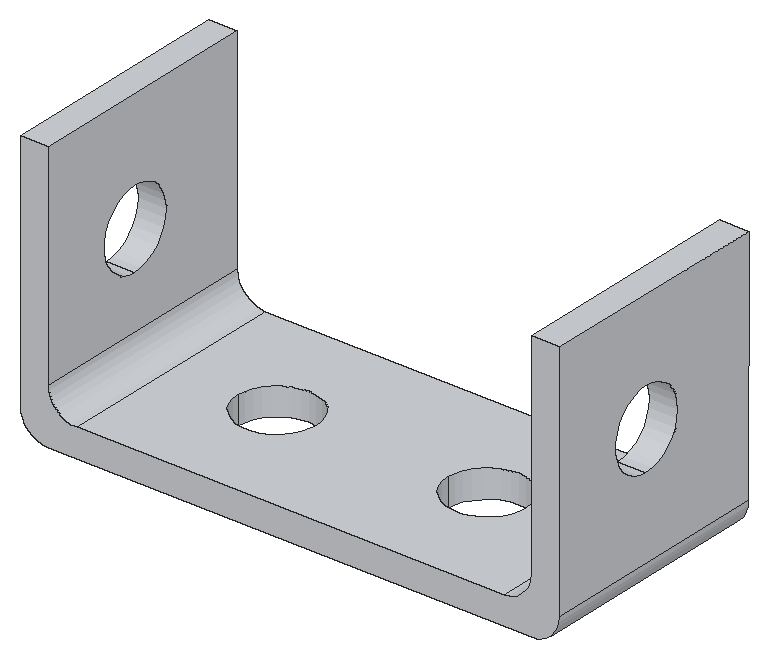
Revit family "MP27", category Generic Models, Revit 2017
Family settings
  Can host rebar = No
  Round Connector Dimension = Use Diameter
  Part Type = Normal
  Work Plane-Based = Yes
  Always vertical = No
  Cut with Voids When Loaded = No
  Shared = No
  Room Calculation Point = No
Parameters (values of type "NBS Standard Parameters")
  Weight = "0.294Kg"
  WarrantyStartDate [instance] = "1900-12-31T23:59:59"
  WarrantyGuarantorParts = "n/a"
  WarrantyGuarantorLabor = "n/a"
  WarrantyDurationUnit = "1 year"
  WarrantyDurationParts = "n/a"
  WarrantyDurationLabor = "n/a"
  WarrantyDescription = "n/a"
  Version = "1"
  Uniclass2 = "Pr_65_70_11_19"
  TagNumber [instance] = "n/a"
  SustainabilityPerformance = "n/a"
  Size = "n/a"
  Shape = "n/a"
  SerialNumber [instance] = "n/a"
  Revision = "n/a"
  ReplacementCost = "n/a"
  ProductInformation = "www.metpro.co.uk/pdf/mp27.pdf"
  NominalWidth = 42 mm
  NominalLength = 96 mm
  NominalHeight = 48 mm
  Name = ""
  NBSTypeID = ""
  NBSReference = "90-55-10/305"
  NBSOfficeMasterTag = ""
  NBSNote = ""
  NBSDescription = "Channel Cable Supports"
  NBSCertification = ""
  ModelReference = "MP27"
  ModelNumber = "n/a"
  Material = "steel"
  ManufacturerURL = "www.metpro.co.uk"
  ManufacturerName = "Metpro Lid"
  Keynote = "Compliant to LU standard 1-085"
  InstallationDate [instance] = "1900-12-31T23:59:59"
  IfcExportType = ""
  IfcExportAs = ""
  Grade = "Hot Dipped Galvanised"
  Finish = "n/a"
  Features = "n/a"
  ExpectedLife = "n/a"
  DurationUnit = "year"
  Description = "MP27 - Channel Jointing Bracket"
  Default Elevation = 1219.2 mm
  Constituents = "n/a"
  Color = "n/a"
  CodePerformance = "n/a"
  Category = "n/a"
  BarCode [instance] = "n/a"
  BIMObjectName = "Metpro_metprolibrary_channelcablesupports_channelbracket"
  Author = "Metpro Ltd"
  AssetType = ""
  AssetIdentifier [instance] = "n/a"
  AccessibilityPerformance = "n/a"
Reference planes
  plane 1 "Center (Front/Back)": y = 0
  plane 2: z = 0
  plane 3 "Center (Left/Right)": x = 0
Forms (mm)
  Extrusion 1, solid
    sketch origin (23.116, -29.145, -101.54) x (1, 0, 0) y (0, 0, 1)
      loop
        line (0, 108.54) -> (0, 146.54) -> (-5, 146.54) -> (-5, 103.54)
        arc (-5, 103.54) -> (-3.536, 100.005) -> (0, 98.54) r 5
        line (0, 98.54) -> (86, 98.54)
        arc (86, 98.54) -> (89.536, 100.005) -> (91, 103.54) r 5
        line (91, 103.54) -> (91, 146.54) -> (86, 146.54) -> (86, 108.54)
        arc (86, 108.54) -> (84.536, 105.005) -> (81, 103.54) r 5
        line (81, 103.54) -> (5, 103.54)
        arc (5, 103.54) -> (1.464, 105.005) -> (0, 108.54) r 5
    from 0 to 42
  Extrusion 2, void
    sketch origin (114.116, -29.145, 45) x (0, 0, 1) y (0, 1, 0)
      loop
        circle (-21.54, -22.705) r 7
    from 0 to 5
  Extrusion 3, void
    sketch origin (643.116, -29.145, -3) x (1, 0, 0) y (0, 1, 0)
      loop
        circle (-596.199, -20.805) r 7
      loop
        circle (-558.824, -20.805) r 7
    from 0 to 5
  Extrusion 4, void
    sketch origin (18.116, -29.145, 362) x (0, 0, -1) y (0, 1, 0)
      loop
        circle (338.54, -22.705) r 7
    from 0 to 5
Cuts and joins
  Extrusion 2, Extrusion 3, Extrusion 4 cuts Extrusion 1
Dimensions and locks
  aligned and locked: level to plane 2
